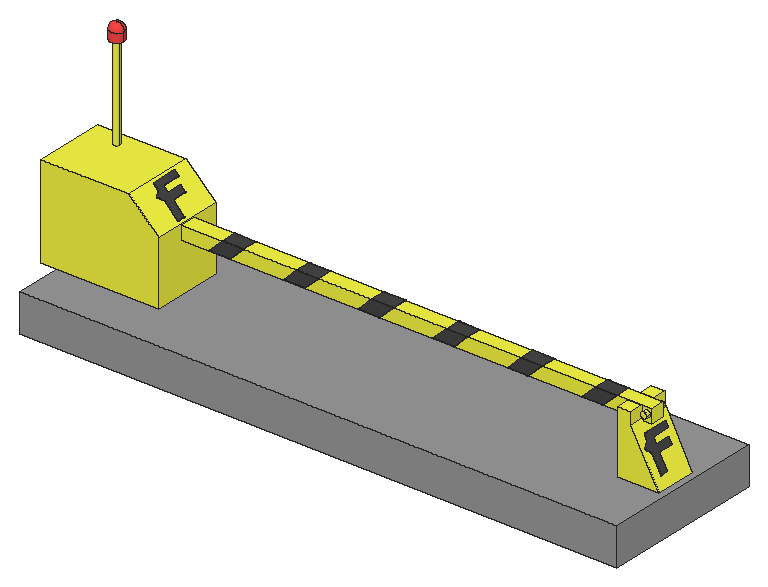
Revit family "ПТУ_общий фундамент", category Специальное оборудование, Revit 2019
Family settings
  Размер круглого соединителя = Использовать диаметр
  Тип детали = Нормальный
  На основе рабочей плоскости = Нет
  Всегда вертикально = Нет
  При загрузке вырезать с полостями = Нет
  Общий = Нет
  Точка расчета площади = Нет
Parameters (values of type "ПТУ с общим фундаментом., под 6000.,Холодное исполнение")
  Объём вынимаего грунта = 9
  Объём бетона = 8.9
  Длина стрелы = 6000 mm
  n рисунок [instance] = rounddown(Длина стрелы / 1000 mm)  # 6
  URL = "https://www.fensys.ru/produkciya/ptu/"
  ADSK_Обозначение = "ПТУ-Л 6000ХМ"
  ADSK_Наименование = "Противотаранное устройство с вертикальным подъемом стрелы для остановки т/с массой 3,5 т на скорости 40 км/ч. Перекрываемый проезд 6 м. Электромеханический привод. В комплекте с армокаркасом для монолитного фундамента. Высота стрелы над дорогой - 860 мм. Время закрывания 12 с. Потр.мощность 5 кВт. Температура эксплуатации -55°-+50°. В комплекте: ШУ, пост управления, ф/э безопасности, маячок."
  ADSK_Масса = 2500
  ADSK_Комплект = "ПТУ"  # constant formula
  ADSK_Код изделия = "53435"
  ADSK_Завод-изготовитель = "FENSYS"  # constant formula
  ADSK_Единица измерения = "шт."  # constant formula
Types (9, lengths in mm): name | Объём вынимаего грунта | Объём бетона | Длина стрелы | n рисунок | ADSK_Обозначение | ADSK_Наименование | ADSK_Масса | ADSK_Код изделия
  (no name) | 9 | 8.9 | 6000 | 6 | "ПТУ-Л 6000ХМ" | "Противотаранное устройство с вертикальным подъемом стрелы для остановки т/с массой 3,5 т на скорости 40 км/ч. Перекрываемый проезд 6 м. Электромеханический привод. В комплекте с армокаркасом для монолитного фундамента. Высота стрелы над дорогой - 860 мм. Время закрывания 12 с. Потр.мощность 5 кВт. Температура эксплуатации -55°-+50°. В комплекте: ШУ, пост управления, ф/э безопасности, маячок." | 2500 | "53435"
  ПТУ с общим фундаментом., под 6000.,Тёплое исполнение | 9 | 8.9 | 6000 | 6 | "ПТУ-Л 6000ТМ" | "Противотаранное устройство с вертикальным подъемом стрелы для остановки т/с массой 3,5 т на скорости 40 км/ч. Перекрываемый проезд 6 м. Электромеханический привод. В комплекте с армокаркасом для монолитного фундамента. Высота стрелы над дорогой - 860 мм. Время закрывания 12 с. Потр. мощность 3 кВт. Температура эксплуатации -20°-+50°. В комплекте: ШУ, пост управления, ф/э безопасности, маячок." | 2500 | "53439"
  ПТУ с общим фундаментом., под 6000.,Холодное исполнение | 9 | 8.9 | 6000 | 6 | "ПТУ-Л 6000ХМ" | "Противотаранное устройство с вертикальным подъемом стрелы для остановки т/с массой 3,5 т на скорости 40 км/ч. Перекрываемый проезд 6 м. Электромеханический привод. В комплекте с армокаркасом для монолитного фундамента. Высота стрелы над дорогой - 860 мм. Время закрывания 12 с. Потр.мощность 5 кВт. Температура эксплуатации -55°-+50°. В комплекте: ШУ, пост управления, ф/э безопасности, маячок." | 2500 | "53435"
  ПТУ с общим фундаментом., под 4000.,Тёплое исполнение | 5.8 | 5.7 | 4000 | 4 | "ПТУ-Л 4000ТМ" | "Противотаранное устройство с вертикальным подъемом стрелы для остановки т/с массой 3,5 т на скорости 40 км/ч. Перекрываемый проезд 4 м. Электромеханический привод. В комплекте с армокаркасом для монолитного фундамента. Высота стрелы над дорогой - 860 мм. Время закрывания 12 с. Потр. мощность 3 кВт. Температура эксплуатации -20°-+50°. В комплекте: ШУ, пост управления, ф/э безопасности, маячок." | 2200 | "53436"
  ПТУ с общим фундаментом., под 4000.,Холодное исполнение | 5.8 | 5.7 | 4000 | 4 | "ПТУ-Л 4000ХМ" | "Противотаранное устройство с вертикальным подъемом стрелы для остановки т/с массой 3,5 т на скорости 40 км/ч. Перекрываемый проезд 4 м. Электромеханический привод. В комплекте с армокаркасом для монолитного фундамента. Высота стрелы над дорогой - 860 мм. Время закрывания 12 с. Потр.мощность 5 кВт. Температура эксплуатации -55°-+50°. В комплекте: ШУ, пост управления, ф/э безопасности, маячок." | 2200 | "53432"
  ПТУ с общим фундаментом., под 4500.,Тёплое исполнение | 7.4 | 7.3 | 4500 | 4 | "ПТУ-Л 4500ТМ" | "Противотаранное устройство с вертикальным подъемом стрелы для остановки т/с массой 3,5 т на скорости 40 км/ч. Перекрываемый проезд 4,5 м. Электромеханический привод. В комплекте с армокаркасом для монолитного фундамента. Высота стрелы над дорогой - 860 мм. Время закрывания 12 с. Потр. мощность 3 кВт. Температура эксплуатации -20°-+50°. В комплекте: ШУ, пост управления, ф/э безопасности, маячок." | 2280 | "53437"
  ПТУ с общим фундаментом., под 4500.,Холодное исполнение | 7.4 | 7.3 | 4500 | 4 | "ПТУ-Л 4500ХМ" | "Противотаранное устройство с вертикальным подъемом стрелы для остановки т/с массой 3,5 т на скорости 40 км/ч. Перекрываемый проезд 4,5 м. Электромеханический привод. В комплекте с армокаркасом для монолитного фундамента. Высота стрелы над дорогой - 860 мм. Время закрывания 12 с. Потр.мощность 5 кВт. Температура эксплуатации -55°-+50°. В комплекте: ШУ, пост управления, ф/э безопасности, маячок." | 2250 | "53433"
  ПТУ с общим фундаментом., под 5000.,Холодное исполнение | 7.9 | 7.8 | 5000 | 5 | "ПТУ-Л 5000ХМ" | "Противотаранное устройство с вертикальным подъемом стрелы для остановки т/с массой 3,5 т на скорости 40 км/ч. Перекрываемый проезд 5 м. Электромеханический привод. В комплекте с армокаркасом для монолитного фундамента. Высота стрелы над дорогой - 860 мм. Время закрывания 12 с. Потр.мощность 5 кВт. Температура эксплуатации -55°-+50°. В комплекте: ШУ, пост управления,ф/э безопасности, маячок." | 2350 | "53434"
  ПТУ с общим фундаментом., под 5000.,Тёплое исполнение | 7.9 | 7.8 | 5000 | 5 | "ПТУ-Л 5000ТМ" | "Противотаранное устройство с вертикальным подъемом стрелы для остановки т/с массой 3,5 т на скорости 40 км/ч. Перекрываемый проезд 5 м. Электромеханический привод. В комплекте с армокаркасом для монолитного фундамента. Высота стрелы над дорогой - 860 мм. Время закрывания 12 с. Потр. мощность 3 кВт. Температура эксплуатации -20°-+50°. В комплекте: ШУ, пост управления,ф/э безопасности, маячок." | 2350 | "53438"
Reference planes
  plane 1 "По центру (Вперед/Назад)": y = 0
  plane 2: z = 0
  plane 3 "По центру (Влево/Вправо)": x = 0
  plane 4 "qq": through (-496.28, -2301.368, 1137.47) normal (0.7071, 0, 0.7071)
  plane 5 "xx": x = 6000
Forms (mm)
  Extrusion 1, solid, material "Жёлтый"
    sketch origin (0, 0, 0) x (1, 0, 0) y (0, 0, 1)
      loop
        line (0, 846.25) -> (-393.75, 1240) -> (-1575, 1240) -> (-1575, 0) -> (0, 0) -> (0, 846.25)
    from -480 to 480
  Extrusion 2, solid, material "Жёлтый"
    sketch origin (0, 0, -23.75) x (1, 0, 0) y (0, 0, 1)
      loop
        line (0, 690) -> (6305, 690) -> (6305, 870) -> (0, 870) -> (0, 690)
    from -100 to 100
  Extrusion 3, solid, material "Жёлтый"
    sketch origin (-283.927, 0, 0) x (1, 0, 0) y (0, 0, 1)
      loop
        circle (6530.851, 768.174) r 40
    from -150 to 150
  Extrusion 4, solid, material "Бетон"
    sketch origin (-1915.856, 0, 0) x (1, 0, 0) y (0, 1, 0)
      loop
        line (560.856, 1100) -> (560.856, -1100) -> (8560.856, -1100) -> (8560.856, 1100) -> (560.856, 1100)
    from 0 to -500
  Extrusion 5, solid, material "Жёлтый"
    sketch origin (0, 10.914, 0) x (1, 0, 0) y (0, 1, 0)
      loop
        circle (-1165.563, 269.086) r 40
    from 1240 to 2500
  Revolve 6, solid, material "Красный"
    sketch origin (0, 280, -100.855) x (1, 0, 0) y (0, 0, 1)
      loop
        line (-1073.063, 2600.855) -> (-1073.063, 2716.582)
        arc (-1073.063, 2716.582) -> (-1100.155, 2781.989) -> (-1165.563, 2809.082) r 92.5
        line (-1165.563, 2809.082) -> (-1165.563, 2600.855) -> (-1073.063, 2600.855)
      axis (-1165.563, 2600.855) -> (-1165.563, 2809.082)
    angle from 0 to 360
  Extrusion 7, solid, material "Чёрный"
    sketch origin (-938.291, -850, 1784.541) x (-0.707107, 0, 0.707107) y (0, -1, 0)
      loop
        line (-804.098, -1090) -> (-804.098, -750)
        arc (-804.098, -750) -> (-807.027, -742.929) -> (-814.098, -740) r 10
        line (-814.098, -740) -> (-884.098, -740) -> (-954.809, -669.289) -> (-1025.519, -740) -> (-1275.519, -740)
        arc (-1275.519, -740) -> (-1282.59, -742.929) -> (-1285.519, -750) r 10
        line (-1285.519, -750) -> (-1285.519, -835)
        arc (-1285.519, -835) -> (-1282.59, -842.071) -> (-1275.519, -845) r 10
        line (-1275.519, -845) -> (-1075.519, -845)
        arc (-1075.519, -845) -> (-1068.448, -847.929) -> (-1065.519, -855) r 10
        line (-1065.519, -855) -> (-1065.519, -1045)
        arc (-1065.519, -1045) -> (-1062.59, -1052.071) -> (-1055.519, -1055) r 10
        line (-1055.519, -1055) -> (-980.519, -1055)
        arc (-980.519, -1055) -> (-973.448, -1052.071) -> (-970.519, -1045) r 10
        line (-970.519, -1045) -> (-970.519, -855)
        arc (-970.519, -855) -> (-967.59, -847.929) -> (-960.519, -845) r 10
        line (-960.519, -845) -> (-895.519, -845)
        arc (-895.519, -845) -> (-888.448, -847.929) -> (-885.519, -855) r 10
        line (-885.519, -855) -> (-885.519, -1090)
        arc (-885.519, -1090) -> (-882.59, -1097.071) -> (-875.519, -1100) r 10
        line (-875.519, -1100) -> (-814.098, -1100)
        arc (-814.098, -1100) -> (-807.027, -1097.071) -> (-804.098, -1090) r 10
    from 0 to 5
  Extrusion 8, solid, material "Чёрный"
    sketch origin (0, -100, -23.75) x (1, 0, 0) y (0, 0, 1)
      loop
        line (377.377, 690) -> (668.716, 690) -> (848.716, 870) -> (557.377, 870) -> (377.377, 690)
    from 0 to 1
  Extrusion 9, solid, material "Чёрный"
    sketch origin (0, 0, 846.25) x (1, 0, 0) y (0, 1, 0)
      loop
        line (848.497, -101) -> (848.497, 100) -> (557.398, 100) -> (557.398, -101) -> (848.497, -101)
    from 0 to 1
  Extrusion 10, solid, material "Чёрный"
    sketch origin (-1068.661, 0, 666.25) x (0, -1, 0) y (-1, 0, 0)
      loop
        line (101, -1737.377) -> (101, -1446.038) -> (-100, -1446.038) -> (-100, -1737.377) -> (101, -1737.377)
    from 0 to 1
  Extrusion 11, solid, material "Чёрный"
    sketch origin (-410.219, 100, -23.75) x (-1, 0, 0) y (0, 0, 1)
      loop
        line (-787.377, 690) -> (-967.377, 870) -> (-1258.716, 870) -> (-1078.716, 690) -> (-787.377, 690)
    from 0 to 1
  Extrusion 12, solid, material "Чёрный", not visible
    sketch origin (0, -100, -23.75) x (1, 0, 0) y (0, 0, 1)
      loop
        line (377.377, 690) -> (668.716, 690) -> (848.716, 870) -> (557.377, 870) -> (377.377, 690)
    from 0 to 1
  Extrusion 13, solid, material "Чёрный", not visible
    sketch origin (0, 0, 846.25) x (1, 0, 0) y (0, 1, 0)
      loop
        line (848.497, -101) -> (848.497, 100) -> (557.398, 100) -> (557.398, -101) -> (848.497, -101)
    from 0 to 1
  Extrusion 14, solid, material "Чёрный", not visible
    sketch origin (-1068.661, 0, 666.25) x (0, -1, 0) y (-1, 0, 0)
      loop
        line (101, -1737.377) -> (101, -1446.038) -> (-100, -1446.038) -> (-100, -1737.377) -> (101, -1737.377)
    from 0 to 1
  Extrusion 15, solid, material "Чёрный", not visible
    sketch origin (-410.219, 100, -23.75) x (-1, 0, 0) y (0, 0, 1)
      loop
        line (-787.377, 690) -> (-967.377, 870) -> (-1258.716, 870) -> (-1078.716, 690) -> (-787.377, 690)
    from 0 to 1
  Extrusion 16, solid, material "Чёрный"
    sketch origin (1000, -100, -23.75) x (1, 0, 0) y (0, 0, 1)
      loop
        line (377.377, 690) -> (668.716, 690) -> (848.716, 870) -> (557.377, 870) -> (377.377, 690)
    from 0 to 1
  Extrusion 17, solid, material "Чёрный"
    sketch origin (1000, 0, 846.25) x (1, 0, 0) y (0, 1, 0)
      loop
        line (848.497, -101) -> (848.497, 100) -> (557.398, 100) -> (557.398, -101) -> (848.497, -101)
    from 0 to 1
  Extrusion 18, solid, material "Чёрный"
    sketch origin (-68.661, 0, 666.25) x (0, -1, 0) y (-1, 0, 0)
      loop
        line (101, -1737.377) -> (101, -1446.038) -> (-100, -1446.038) -> (-100, -1737.377) -> (101, -1737.377)
    from 0 to 1
  Extrusion 19, solid, material "Чёрный"
    sketch origin (589.781, 100, -23.75) x (-1, 0, 0) y (0, 0, 1)
      loop
        line (-787.377, 690) -> (-967.377, 870) -> (-1258.716, 870) -> (-1078.716, 690) -> (-787.377, 690)
    from 0 to 1
  Extrusion 20, solid, material "Чёрный"
    sketch origin (2000, -100, -23.75) x (1, 0, 0) y (0, 0, 1)
      loop
        line (377.377, 690) -> (668.716, 690) -> (848.716, 870) -> (557.377, 870) -> (377.377, 690)
    from 0 to 1
  Extrusion 21, solid, material "Чёрный"
    sketch origin (2000, 0, 846.25) x (1, 0, 0) y (0, 1, 0)
      loop
        line (848.497, -101) -> (848.497, 100) -> (557.398, 100) -> (557.398, -101) -> (848.497, -101)
    from 0 to 1
  Extrusion 22, solid, material "Чёрный"
    sketch origin (931.339, 0, 666.25) x (0, -1, 0) y (-1, 0, 0)
      loop
        line (101, -1737.377) -> (101, -1446.038) -> (-100, -1446.038) -> (-100, -1737.377) -> (101, -1737.377)
    from 0 to 1
  Extrusion 23, solid, material "Чёрный"
    sketch origin (1589.781, 100, -23.75) x (-1, 0, 0) y (0, 0, 1)
      loop
        line (-787.377, 690) -> (-967.377, 870) -> (-1258.716, 870) -> (-1078.716, 690) -> (-787.377, 690)
    from 0 to 1
  Extrusion 24, solid, material "Чёрный"
    sketch origin (3000, -100, -23.75) x (1, 0, 0) y (0, 0, 1)
      loop
        line (377.377, 690) -> (668.716, 690) -> (848.716, 870) -> (557.377, 870) -> (377.377, 690)
    from 0 to 1
  Extrusion 25, solid, material "Чёрный"
    sketch origin (3000, 0, 846.25) x (1, 0, 0) y (0, 1, 0)
      loop
        line (848.497, -101) -> (848.497, 100) -> (557.398, 100) -> (557.398, -101) -> (848.497, -101)
    from 0 to 1
  Extrusion 26, solid, material "Чёрный"
    sketch origin (1931.339, 0, 666.25) x (0, -1, 0) y (-1, 0, 0)
      loop
        line (101, -1737.377) -> (101, -1446.038) -> (-100, -1446.038) -> (-100, -1737.377) -> (101, -1737.377)
    from 0 to 1
  Extrusion 27, solid, material "Чёрный"
    sketch origin (2589.781, 100, -23.75) x (-1, 0, 0) y (0, 0, 1)
      loop
        line (-787.377, 690) -> (-967.377, 870) -> (-1258.716, 870) -> (-1078.716, 690) -> (-787.377, 690)
    from 0 to 1
  Extrusion 28, solid, material "Чёрный"
    sketch origin (4000, -100, -23.75) x (1, 0, 0) y (0, 0, 1)
      loop
        line (377.377, 690) -> (668.716, 690) -> (848.716, 870) -> (557.377, 870) -> (377.377, 690)
    from 0 to 1
  Extrusion 29, solid, material "Чёрный"
    sketch origin (4000, 0, 846.25) x (1, 0, 0) y (0, 1, 0)
      loop
        line (848.497, -101) -> (848.497, 100) -> (557.398, 100) -> (557.398, -101) -> (848.497, -101)
    from 0 to 1
  Extrusion 30, solid, material "Чёрный"
    sketch origin (2931.339, 0, 666.25) x (0, -1, 0) y (-1, 0, 0)
      loop
        line (101, -1737.377) -> (101, -1446.038) -> (-100, -1446.038) -> (-100, -1737.377) -> (101, -1737.377)
    from 0 to 1
  Extrusion 31, solid, material "Чёрный"
    sketch origin (3589.781, 100, -23.75) x (-1, 0, 0) y (0, 0, 1)
      loop
        line (-787.377, 690) -> (-967.377, 870) -> (-1258.716, 870) -> (-1078.716, 690) -> (-787.377, 690)
    from 0 to 1
  Extrusion 32, solid, material "Чёрный"
    sketch origin (5000, -100, -23.75) x (1, 0, 0) y (0, 0, 1)
      loop
        line (377.377, 690) -> (668.716, 690) -> (848.716, 870) -> (557.377, 870) -> (377.377, 690)
    from 0 to 1
  Extrusion 33, solid, material "Чёрный"
    sketch origin (5000, 0, 846.25) x (1, 0, 0) y (0, 1, 0)
      loop
        line (848.497, -101) -> (848.497, 100) -> (557.398, 100) -> (557.398, -101) -> (848.497, -101)
    from 0 to 1
  Extrusion 34, solid, material "Чёрный"
    sketch origin (3931.339, 0, 666.25) x (0, -1, 0) y (-1, 0, 0)
      loop
        line (101, -1737.377) -> (101, -1446.038) -> (-100, -1446.038) -> (-100, -1737.377) -> (101, -1737.377)
    from 0 to 1
  Extrusion 35, solid, material "Чёрный"
    sketch origin (4589.781, 100, -23.75) x (-1, 0, 0) y (0, 0, 1)
      loop
        line (-787.377, 690) -> (-967.377, 870) -> (-1258.716, 870) -> (-1078.716, 690) -> (-787.377, 690)
    from 0 to 1
Cuts and joins
  joined: Extrusion 2, Extrusion 3
Lines and regions (mm)
  model lines
    curve 1: line (-393.75, -480, 1120) -> (-533.75, -480, 1120)
    curve 2: line (-393.75, -480, 1120) -> (-82.623, -480, 808.873)
    curve 3: line (-82.623, -480, 808.873) -> (-82.623, -480, 108.873)
    curve 4: line (-82.623, -480, 108.873) -> (-533.75, -480, 108.873)
    curve 5: line (-533.75, -480, 108.873) -> (-533.75, -480, 1120)
    curve 6: circle (-508.265, -480, 1016.19) r 5 normal (0, -1, 0)
    curve 7: circle (-508.265, -480, 616.19) r 5 normal (0, -1, 0)
    curve 8: circle (-508.265, -480, 196.19) r 5 normal (0, -1, 0)
    curve 9: circle (-437.554, -480, 125.48) r 5 normal (0, -1, 0)
    curve 10: circle (-312.554, -480, 125.48) r 5 normal (0, -1, 0)
    curve 11: circle (-187.554, -480, 125.48) r 5 normal (0, -1, 0)
    curve 12: circle (-393.265, -480, 1016.19) r 5 normal (0, -1, 0)
    curve 13: circle (-276.592, -480, 899.518) r 5 normal (0, -1, 0)
    curve 14: circle (-149.313, -480, 772.238) r 5 normal (0, -1, 0)
    curve 15: circle (-149.313, -480, 592.238) r 5 normal (0, -1, 0)
    curve 16: circle (-149.313, -480, 392.238) r 5 normal (0, -1, 0)
    curve 17: line (-393.75, 480, 1120) -> (-533.75, 480, 1120)
    curve 18: line (-393.75, 480, 1120) -> (-82.623, 480, 808.873)
    curve 19: line (-82.623, 480, 108.873) -> (-533.75, 480, 108.873)
    curve 20: line (-533.75, 480, 108.873) -> (-533.75, 480, 1120)
    curve 21: circle (-508.265, 480, 1016.19) r 5 normal (0, -1, 0)
    curve 22: circle (-508.265, 480, 616.19) r 5 normal (0, -1, 0)
    curve 23: circle (-508.265, 480, 196.19) r 5 normal (0, -1, 0)
    curve 24: circle (-437.554, 480, 125.48) r 5 normal (0, -1, 0)
    curve 25: circle (-312.554, 480, 125.48) r 5 normal (0, -1, 0)
    curve 26: circle (-187.554, 480, 125.48) r 5 normal (0, -1, 0)
    curve 27: circle (-393.265, 480, 1016.19) r 5 normal (0, -1, 0)
    curve 28: circle (-276.592, 480, 899.518) r 5 normal (0, -1, 0)
    curve 29: circle (-149.313, 480, 772.238) r 5 normal (0, -1, 0)
    curve 30: circle (-149.313, 480, 592.238) r 5 normal (0, -1, 0)
    curve 31: circle (-149.313, 480, 392.238) r 5 normal (0, -1, 0)
    curve 32: line (-82.623, -480, 808.873) -> (-82.623, -480, 108.873)
Dimensions and locks
  "Длина стрелы": plane 5 "xx" to plane 3 "По центру (Влево/Вправо)"
  locked: Extrusion 3 sketch curve to plane 5 "xx" at 246.924
  equal spacing: group 1, group 3, group 4, group 5, group 6, group 7  (x3)
  plane 3 "По центру (Влево/Вправо)" to plane 5 "xx" = 6000 mm
  Extrusion 4 to Extrusion 4 = 2200 mm
  locked: plane 3 "По центру (Влево/Вправо)" to Extrusion 4 at 1355
  locked: Extrusion 4 to plane 5 "xx" at 645
  aligned and locked: level to plane 2
  aligned and locked: Extrusion 5 to Extrusion 1
  aligned and locked: Revolve 6 to Extrusion 5
  aligned and locked: plane 5 "xx" to nested 1
Automatic sketch dimensions
  Extrusion 1 sketch curve to level = 0 mm
  Extrusion 1 sketch curve to plane 3 "По центру (Влево/Вправо)" = 0 mm
  Extrusion 1 sketch curve to plane 3 "По центру (Влево/Вправо)" = 393.75 mm
  Extrusion 1 sketch curve to plane 3 "По центру (Влево/Вправо)" = 1575 mm
  level to Extrusion 1 sketch curve = 846.25 mm
  Extrusion 1 sketch curve to Extrusion 1 sketch curve = 393.75 mm
  Extrusion 2 sketch curve to plane 3 "По центру (Влево/Вправо)" = 0 mm
  plane 5 "xx" to Extrusion 2 sketch curve = 305 mm
  level to Extrusion 2 sketch curve = 666.25 mm
  Extrusion 2 sketch curve to Extrusion 2 sketch curve = 180 mm
  curve 1 to Extrusion 1 = 120 mm
  curve 1 to Extrusion 1 = 533.75 mm
  curve 4 to curve 8 = 25.485 mm
  curve 7 to curve 8 = 0 mm
  curve 1 to curve 6 = 25.485 mm
  curve 4 to curve 9 = 96.196 mm
  curve 1 to curve 2 = 140 mm
  curve 1 to curve 12 = 0.485 mm
  curve 9 to curve 10 = 125 mm
  curve 12 to curve 13 = 116.673 mm
  curve 10 to curve 11 = 125 mm
  curve 16 to Extrusion 1 = 149.313 mm
  curve 14 to Extrusion 1 = 149.313 mm
  curve 15 to Extrusion 1 = 149.313 mm
  curve 14 to curve 3 = 66.69 mm
  curve 12 to curve 1 = 103.81 mm
  curve 6 to curve 1 = 103.81 mm
  curve 13 to curve 12 = 116.673 mm
  curve 3 to curve 13 = 90.645 mm
  curve 14 to curve 2 = 36.635 mm
  curve 7 to curve 13 = 283.327 mm
  curve 15 to curve 14 = 180 mm
  curve 16 to curve 15 = 200 mm
  curve 8 to Extrusion 1 = 196.19 mm
  curve 10 to Extrusion 1 = 125.48 mm
  curve 9 to curve 8 = 70.711 mm
  curve 11 to curve 10 = 0 mm
  curve 5 to curve 8 = 87.317 mm
  curve 17 to plane 3 "По центру (Влево/Вправо)" = 533.75 mm
  curve 19 to curve 23 = 25.485 mm
  curve 23 to curve 22 = 0 mm
  curve 17 to curve 21 = 25.485 mm
  curve 19 to curve 24 = 96.196 mm
  curve 17 to curve 18 = 140 mm
  curve 17 to curve 27 = 0.485 mm
  curve 24 to curve 25 = 125 mm
  curve 27 to curve 28 = 116.673 mm  (x2)
  curve 25 to curve 26 = 125 mm
  curve 31 to plane 3 "По центру (Влево/Вправо)" = 149.313 mm
  curve 30 to plane 3 "По центру (Влево/Вправо)" = 149.313 mm
  curve 29 to plane 3 "По центру (Влево/Вправо)" = 149.313 mm
  curve 19 to plane 3 "По центру (Влево/Вправо)" = 82.623 mm
  curve 29 to curve 18 = 66.69 mm
  level to curve 17 = 1120 mm
  curve 17 to curve 21 = 103.81 mm
  curve 17 to curve 27 = 103.81 mm
  curve 28 to curve 18 = 90.645 mm
  curve 18 to curve 29 = 36.635 mm
  curve 28 to curve 22 = 283.327 mm
  curve 29 to curve 30 = 180 mm
  curve 30 to curve 31 = 200 mm
  level to curve 23 = 196.19 mm
  level to curve 25 = 125.48 mm
  curve 23 to curve 24 = 70.711 mm
  curve 26 to curve 25 = 0 mm
  curve 26 to curve 19 = 16.607 mm
  curve 32 to plane 3 "По центру (Влево/Вправо)" = 82.623 mm
  level to curve 32 = 108.873 mm
  curve 32 to curve 32 = 700 mm
  level to Extrusion 3 sketch curve = 768.174 mm
  Extrusion 5 sketch curve to plane 1 "По центру (Вперед/Назад)" = 280 mm
  Extrusion 5 sketch curve to plane 3 "По центру (Влево/Вправо)" = 1165.563 mm
  Revolve 6 sketch curve to plane 3 "По центру (Влево/Вправо)" = 1165.563 mm
  Revolve 6 sketch curve to Revolve 6 sketch curve = 92.5 mm
  level to Revolve 6 sketch curve = 2500 mm
  Revolve 6 sketch curve to Revolve 6 sketch curve = 115.727 mm
  Revolve 6 sketch curve to Revolve 6 sketch curve = 0 mm
  Revolve 6 sketch curve to Revolve 6 sketch curve = 30 mm
  Revolve 6 sketch curve to Revolve 6 sketch curve = 130 mm
  Extrusion 1 to Extrusion 7 sketch curve = 41.424 mm
  Extrusion 7 sketch curve to Extrusion 7 sketch curve = 10 mm  (x8)
  Extrusion 7 sketch curve to Extrusion 7 sketch curve = 200 mm
  Extrusion 7 sketch curve to Extrusion 7 sketch curve = 50 mm
  Extrusion 7 sketch curve to Extrusion 7 sketch curve = 75 mm
  Extrusion 7 sketch curve to Extrusion 7 sketch curve = 95 mm  (x2)
  Extrusion 7 sketch curve to Extrusion 7 sketch curve = 70.711 mm  (x2)
  Extrusion 7 sketch curve to Extrusion 7 sketch curve = 65 mm
  Extrusion 7 sketch curve to Extrusion 1 = 44.001 mm  (x2)
  Extrusion 1 to Extrusion 7 sketch curve = 230 mm
  Extrusion 7 sketch curve to Extrusion 7 sketch curve = 35 mm
  Extrusion 7 sketch curve to Extrusion 7 sketch curve = 190 mm
  Extrusion 7 sketch curve to Extrusion 7 sketch curve = 0 mm
  Extrusion 7 sketch curve to Extrusion 7 sketch curve = 85 mm
  Extrusion 8 sketch curve to Extrusion 8 sketch curve = 180 mm  (x3)
  Extrusion 8 sketch curve to Extrusion 8 sketch curve = 111.339 mm
  Extrusion 9 sketch curve to Extrusion 9 sketch curve = 291.1 mm
  Extrusion 10 sketch curve to Extrusion 10 sketch curve = 291.339 mm
  Extrusion 11 sketch curve to Extrusion 11 sketch curve = 180 mm  (x3)
  Extrusion 11 sketch curve to Extrusion 11 sketch curve = 111.339 mm
  Extrusion 9 sketch curve to Extrusion 9 sketch curve = 201 mm
  Extrusion 10 sketch curve to Extrusion 10 sketch curve = 201 mm
  Extrusion 12 sketch curve to Extrusion 12 sketch curve = 180 mm  (x3)
  Extrusion 12 sketch curve to Extrusion 12 sketch curve = 111.339 mm
  Extrusion 13 sketch curve to Extrusion 13 sketch curve = 291.1 mm
  Extrusion 14 sketch curve to Extrusion 14 sketch curve = 291.339 mm
  Extrusion 15 sketch curve to Extrusion 15 sketch curve = 180 mm  (x3)
  Extrusion 15 sketch curve to Extrusion 15 sketch curve = 111.339 mm
  Extrusion 13 sketch curve to Extrusion 13 sketch curve = 201 mm
  Extrusion 14 sketch curve to Extrusion 14 sketch curve = 201 mm
  Extrusion 16 sketch curve to Extrusion 16 sketch curve = 180 mm  (x3)
  Extrusion 16 sketch curve to Extrusion 16 sketch curve = 111.339 mm
  Extrusion 17 sketch curve to Extrusion 17 sketch curve = 291.1 mm
  Extrusion 18 sketch curve to Extrusion 18 sketch curve = 291.339 mm
  Extrusion 19 sketch curve to Extrusion 19 sketch curve = 180 mm  (x3)
  Extrusion 19 sketch curve to Extrusion 19 sketch curve = 111.339 mm
  Extrusion 17 sketch curve to Extrusion 17 sketch curve = 201 mm
  Extrusion 18 sketch curve to Extrusion 18 sketch curve = 201 mm
  Extrusion 20 sketch curve to Extrusion 20 sketch curve = 180 mm  (x3)
  Extrusion 20 sketch curve to Extrusion 20 sketch curve = 111.339 mm
  Extrusion 21 sketch curve to Extrusion 21 sketch curve = 291.1 mm
  Extrusion 22 sketch curve to Extrusion 22 sketch curve = 291.339 mm
  Extrusion 23 sketch curve to Extrusion 23 sketch curve = 180 mm  (x3)
  Extrusion 23 sketch curve to Extrusion 23 sketch curve = 111.339 mm
  Extrusion 21 sketch curve to Extrusion 21 sketch curve = 201 mm
  Extrusion 22 sketch curve to Extrusion 22 sketch curve = 201 mm
  Extrusion 24 sketch curve to Extrusion 24 sketch curve = 180 mm  (x3)
  Extrusion 24 sketch curve to Extrusion 24 sketch curve = 111.339 mm
  Extrusion 25 sketch curve to Extrusion 25 sketch curve = 291.1 mm
  Extrusion 26 sketch curve to Extrusion 26 sketch curve = 291.339 mm
  Extrusion 27 sketch curve to Extrusion 27 sketch curve = 180 mm  (x3)
  Extrusion 27 sketch curve to Extrusion 27 sketch curve = 111.339 mm
  Extrusion 25 sketch curve to Extrusion 25 sketch curve = 201 mm
  Extrusion 26 sketch curve to Extrusion 26 sketch curve = 201 mm
  plane 5 "xx" to Extrusion 4 sketch curve = 645 mm
  plane 1 "По центру (Вперед/Назад)" to Extrusion 4 sketch curve = 1100 mm
  Extrusion 4 sketch curve to plane 1 "По центру (Вперед/Назад)" = 1100 mm
  Extrusion 4 sketch curve to plane 3 "По центру (Влево/Вправо)" = 1355 mm
  Extrusion 28 sketch curve to Extrusion 28 sketch curve = 180 mm  (x3)
  Extrusion 28 sketch curve to Extrusion 28 sketch curve = 111.339 mm
  Extrusion 29 sketch curve to Extrusion 29 sketch curve = 291.1 mm
  Extrusion 30 sketch curve to Extrusion 30 sketch curve = 291.339 mm
  Extrusion 31 sketch curve to Extrusion 31 sketch curve = 180 mm  (x3)
  Extrusion 31 sketch curve to Extrusion 31 sketch curve = 111.339 mm
  Extrusion 29 sketch curve to Extrusion 29 sketch curve = 201 mm
  Extrusion 30 sketch curve to Extrusion 30 sketch curve = 201 mm
  Extrusion 32 sketch curve to Extrusion 32 sketch curve = 180 mm  (x3)
  Extrusion 32 sketch curve to Extrusion 32 sketch curve = 111.339 mm
  Extrusion 33 sketch curve to Extrusion 33 sketch curve = 291.1 mm
  Extrusion 34 sketch curve to Extrusion 34 sketch curve = 291.339 mm
  Extrusion 35 sketch curve to Extrusion 35 sketch curve = 180 mm  (x3)
  Extrusion 35 sketch curve to Extrusion 35 sketch curve = 111.339 mm
  Extrusion 33 sketch curve to Extrusion 33 sketch curve = 201 mm
  Extrusion 34 sketch curve to Extrusion 34 sketch curve = 201 mm
  radius of curve 6 = 5 mm
  radius of curve 7 = 5 mm
  radius of curve 8 = 5 mm
  radius of curve 9 = 5 mm
  radius of curve 10 = 5 mm
  radius of curve 11 = 5 mm
  radius of curve 12 = 5 mm
  radius of curve 13 = 5 mm
  radius of curve 14 = 5 mm
  radius of curve 15 = 5 mm
  radius of curve 16 = 5 mm
  radius of curve 21 = 5 mm
  radius of curve 22 = 5 mm
  radius of curve 23 = 5 mm
  radius of curve 24 = 5 mm
  radius of curve 25 = 5 mm
  radius of curve 26 = 5 mm
  radius of curve 27 = 5 mm
  radius of curve 28 = 5 mm
  radius of curve 29 = 5 mm
  radius of curve 30 = 5 mm
  radius of curve 31 = 5 mm
  radius of Extrusion 3 sketch curve = 40 mm
  radius of Extrusion 5 sketch curve = 40 mm
Nested families
  nested 1: "Упор" at (6000, 0, 0), type "Отдельные фундаменты"
    with Тёплое исполнение ""
Definition of nested family "Упор"
  Parameters (values of type "Общий фундамент")
    Тёплое исполнение [instance] = ""
    Объём вынимаего грунта = 0
    Объём бетона = 0
    URL = "https://www.fensys.ru/produkciya/ptu/"
    ADSK_Обозначение = ""
    ADSK_Наименование = "ПТУ-Л_Общий фундамент"
    ADSK_Масса = 0
    ADSK_Комплект = "\"ПТУ\""
    ADSK_Код изделия = ""
    ADSK_Завод-изготовитель = "FENSYS"  # constant formula
    ADSK_Единица измерения = "шт."  # constant formula
  Types (3, lengths in mm): name | ADSK_Наименование | ADSK_Комплект
    (no name) | "ПТУ-Л_Общий фундамент" | "\"ПТУ\""
    Отдельные фундаменты | "ПТУ-Л_Отдельные фундаменты" | ""
    Общий фундамент | "ПТУ-Л_Общий фундамент" | "\"ПТУ\""
  Reference planes
    plane 1 "По центру (Вперед/Назад)": y = 0
    plane 2: z = 0
    plane 3 "По центру (Влево/Вправо)": x = 0
  Forms (mm)
    Extrusion 1, solid
      sketch origin (-6120, 0, 0) x (1, 0, 0) y (0, 0, 1)
        loop
          line (6120, 0) -> (6665, 0) -> (6300, 690) -> (6300, 846.25) -> (6120, 846.25) -> (6120, 0)
      from -280 to 280
    Extrusion 2, void
      sketch origin (-6120, 0, 0) x (1, 0, 0) y (0, 1, 0)
        loop
          line (6120, 100) -> (6120, -100) -> (6300, -100) -> (6300, 100) -> (6120, 100)
      from 690 to 846.25
    Extrusion 3, solid
      sketch origin (180, 0, 690) x (0.467593, 0, -0.883944) y (0, 1, 0)
        loop
          line (153.249, 189.629) -> (153.249, -150.371)
          arc (153.249, -150.371) -> (156.178, -157.442) -> (163.249, -160.371) r 10
          line (163.249, -160.371) -> (233.249, -160.371) -> (303.96, -231.082) -> (374.67, -160.371) -> (624.67, -160.371)
          arc (624.67, -160.371) -> (631.741, -157.442) -> (634.67, -150.371) r 10
          line (634.67, -150.371) -> (634.67, -65.371)
          arc (634.67, -65.371) -> (631.741, -58.3) -> (624.67, -55.371) r 10
          line (624.67, -55.371) -> (424.67, -55.371)
          arc (424.67, -55.371) -> (417.599, -52.442) -> (414.67, -45.371) r 10
          line (414.67, -45.371) -> (414.67, 144.629)
          arc (414.67, 144.629) -> (411.741, 151.7) -> (404.67, 154.629) r 10
          line (404.67, 154.629) -> (329.67, 154.629)
          arc (329.67, 154.629) -> (322.599, 151.7) -> (319.67, 144.629) r 10
          line (319.67, 144.629) -> (319.67, -45.371)
          arc (319.67, -45.371) -> (316.741, -52.442) -> (309.67, -55.371) r 10
          line (309.67, -55.371) -> (244.67, -55.371)
          arc (244.67, -55.371) -> (237.599, -52.442) -> (234.67, -45.371) r 10
          line (234.67, -45.371) -> (234.67, 189.629)
          arc (234.67, 189.629) -> (231.741, 196.7) -> (224.67, 199.629) r 10
          line (224.67, 199.629) -> (163.249, 199.629)
          arc (163.249, 199.629) -> (156.178, 196.7) -> (153.249, 189.629) r 10
      from 0 to 5
  Cuts and joins
    Extrusion 2 cuts Extrusion 1
  Dimensions and locks
    cut or joined group of Extrusion 1, Extrusion 2 to plane 3 "По центру (Влево/Вправо)" = 0 mm
    locked: Extrusion 1 sketch curve to Extrusion 1 sketch curve at 545
    aligned and locked: level to plane 2
    aligned and locked: Extrusion 3 to cut or joined group of Extrusion 1, Extrusion 2
